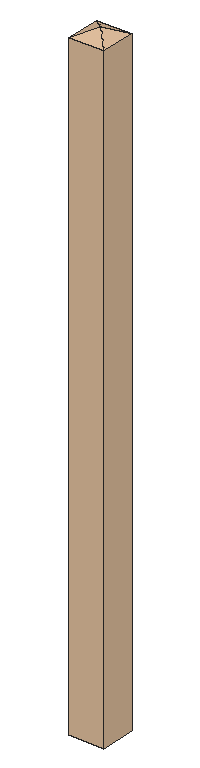
Revit family "Fence Post - Square", category 난간동자, Revit 2026
Family settings
  항상 수직 = 예
  로드될 때 보이드를 사용하여 절단 = 아니오
  공유 = 아니오
Parameters (values of type "100mm Post")
  built-in parameter 1008623 [instance] = (empty or 0)
  built-in parameter 1008625 [instance] = (empty or 0)
  Width = 100 mm
  Material Post = Wood - Cherry
  Post = yes
  Manufacturer = ""
  Description = ""
  built-in parameter 1008624 [instance] = (empty or 0)
  built-in parameter 1008622 [instance] = 1800 mm
  Assembly Code = ""
Types (2, lengths in mm): name | Width
  100mm Post | 100
  150mm Post | 150
Reference planes
  plane 1 "Center (Front/Back)": y = 0
  plane 2: z = 0
  plane 3 "Center (Left/Right)": x = 0
  plane 4 "Top of Post": z = 1800
  plane 5: x = -50
  plane 6: x = 50
  plane 7: y = -50
  plane 8: y = 50
Forms (mm)
  Extrusion 1, solid, material "Wood - Cherry" <- "Material Post"
    sketch origin (0, 0, 0) x (1, 0, 0) y (0, 1, 0)
      loop
        line (-50, -50) -> (50, -50) -> (50, 50) -> (-50, 50) -> (-50, -50)
    from 0 to 1800
  Extrusion 2, void
    sketch origin (0, 0, 0) x (-1, 0, 0) y (0, 0, 1)
      loop
        line (0, 1800) -> (50, 1777.85) -> (50, 1818.355) -> (-50, 1818.355) -> (-50, 1777.85) -> (0, 1800)
    from -50 to 50
  Extrusion 3, void
    sketch origin (0, 0, 0) x (0, 1, 0) y (0, 0, 1)
      loop
        line (0, 1800) -> (50, 1777.85) -> (50, 1818.355) -> (-50, 1818.355) -> (-50, 1777.85) -> (0, 1800)
    from -50 to 50
Cuts and joins
  Extrusion 2, Extrusion 3 cuts Extrusion 1
Dimensions and locks
  "Width": plane 5 to plane 6
  "Width": plane 7 to plane 8
  equal spacing: plane 7, plane 1 "Center (Front/Back)", plane 8
  equal spacing: plane 5, plane 3 "Center (Left/Right)", plane 6
  "built-in parameter 1008622": plane 4 "Top of Post" to level
  locked: Extrusion 2 sketch curve to plane 4 "Top of Post" at 18.355
  locked: plane 4 "Top of Post" to Extrusion 3 sketch curve at 18.355
  aligned and locked: Extrusion 1 to plane 4 "Top of Post"
  aligned and locked: Extrusion 2 sketch curve to cut or joined group of Extrusion 1, Extrusion 2, Extrusion 3  (x2)
  aligned and locked: Extrusion 1 to Extrusion 2
  aligned and locked: Extrusion 2 to cut or joined group of Extrusion 1, Extrusion 2, Extrusion 3
  aligned and locked: Extrusion 3 sketch curve to cut or joined group of Extrusion 1, Extrusion 2, Extrusion 3  (x2)
  aligned and locked: Extrusion 1 to Extrusion 3
  aligned and locked: Extrusion 3 to cut or joined group of Extrusion 1, Extrusion 2, Extrusion 3
Automatic sketch dimensions
  Extrusion 1 sketch curve to plane 5 = 0 mm
  Extrusion 1 sketch curve to plane 6 = 0 mm
  Extrusion 1 sketch curve to plane 7 = 0 mm
  Extrusion 1 sketch curve to plane 8 = 0 mm
  Extrusion 2 sketch curve to plane 3 "Center (Left/Right)" = 0 mm
  Extrusion 2 sketch curve to plane 4 "Top of Post" = 0 mm
  plane 4 "Top of Post" to Extrusion 2 sketch curve = 22.15 mm  (x2)
  Extrusion 3 sketch curve to plane 1 "Center (Front/Back)" = 0 mm
  Extrusion 3 sketch curve to plane 4 "Top of Post" = 0 mm
  plane 4 "Top of Post" to Extrusion 3 sketch curve = 22.15 mm  (x2)
